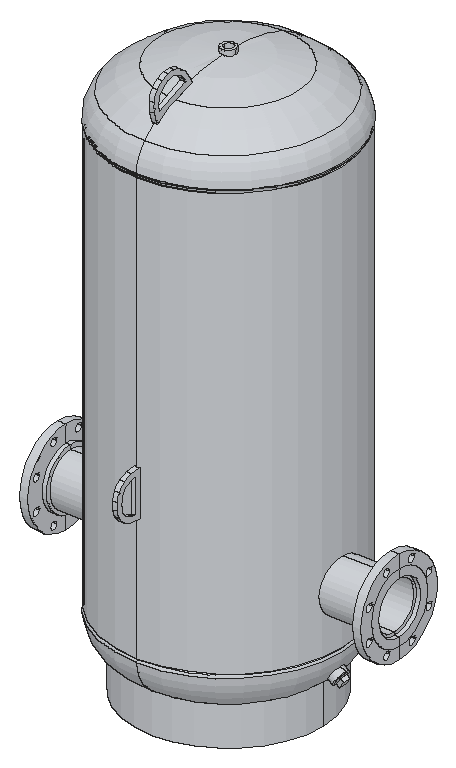
Revit family "CBT-120-5", category Generic Models, Revit 2014
Parameters (values of type "CBT-120-5")
  URL = "http://westank.com/"
  Tank Volume = 120.00 gal
  Shipping Weight = 410.00 lbf
  Part number = 55240120
  Model = "CBT-120-5"
  Flange Connector Diameter = 5"
  Description = "Wessels ASME Chilled Water Buffer Tanks (CBT) are designed for chilled water systems with insufficient water volume capacity in relation to the chiller capacity."
  D = 14"
  C = 19.99807"
  B = 60"
  A = 24"
Reference planes (in)
  plane 1 "Center (Front/Back)": y = 0
  plane 2: z = 0
  plane 3 "Center (Left/Right)": x = 0
  plane 4: through (12.55282, -180, 5.24135) normal (0.8192, 0, -0.5736)
  plane 5: z = 60
  plane 6: x = -9.99904
  plane 7: x = 9.99904
  plane 8: x = -12
  plane 9: x = 12
  plane 10: y = 12
  plane 11: y = -12
  plane 12: z = 14
  plane 13: z = 0
Forms (in)
  Revolve 1, solid
    sketch origin (0, -0.02461, 0) x (0, 1, 0) y (0, 0, 1)
      loop
        arc (-9.83101, 4.11424) -> (-7.79074, 2.94425) -> (-5.56568, 2.18221) r 12.35166
        arc (-5.56568, 2.18221) -> (-4.72655, 1.99447) -> (-3.88233, 1.83116) r 29.62981
        arc (-3.88233, 1.83116) -> (-1.94875, 1.5746) -> (0, 1.4915) r 21.84895
        line (0, 1.4915) -> (0, 1.65929)
        arc (0, 1.65929) -> (-1.35631, 1.72935) -> (-2.7096, 1.84384) r 41.42336
        arc (-2.7096, 1.84384) -> (-4.29668, 2.07784) -> (-5.85586, 2.45541) r 17.59706
        arc (-5.85586, 2.45541) -> (-7.96801, 3.24984) -> (-9.93425, 4.35719) r 14.74916
        arc (-9.93425, 4.35719) -> (-11.28742, 5.80966) -> (-11.85018, 7.71336) r 4.32984
        arc (-11.85018, 7.71336) -> (-11.81699, 7.79381) -> (-11.76254, 7.86171) r 0.30676
        arc (-11.76254, 7.86171) -> (-11.65716, 8.06319) -> (-11.7003, 8.28643) r 0.3444
        line (-11.7003, 8.28643) -> (-11.83544, 8.28643) -> (-11.83544, 53.23643) -> (-11.67058, 53.23643)
        arc (-11.67058, 53.23643) -> (-11.7113, 53.50997) -> (-11.84324, 53.75302) r 0.7952
        arc (-11.84324, 53.75302) -> (-11.85918, 53.77449) -> (-11.87365, 53.79698) r 0.40051
        arc (-11.87365, 53.79698) -> (-11.59108, 55.14279) -> (-10.81984, 56.28132) r 3.5625
        arc (-10.81984, 56.28132) -> (-9.1367, 57.64322) -> (-7.21479, 58.64022) r 10.74973
        arc (-7.21479, 58.64022) -> (-3.6597, 59.63533) -> (0.02461, 59.8694) r 17.65577
        line (0.02461, 59.8694) -> (0.02461, 60.01952)
        arc (0.02461, 60.01952) -> (-3.68786, 59.78269) -> (-7.2701, 58.77965) r 17.80577
        arc (-7.2701, 58.77965) -> (-9.21883, 57.76874) -> (-10.92545, 56.38783) r 10.89973
        arc (-10.92545, 56.38783) -> (-11.73679, 55.18328) -> (-12.02393, 53.75964) r 3.7125
        arc (-12.02393, 53.75964) -> (-11.99497, 53.70793) -> (-11.96061, 53.65963) r 0.55051
        arc (-11.96061, 53.65963) -> (-11.88074, 53.53057) -> (-11.83322, 53.38643) r 0.6452
        line (-11.83322, 53.38643) -> (-11.97539, 53.38643) -> (-11.97539, 8.13643) -> (-11.80492, 8.13643)
        arc (-11.80492, 8.13643) -> (-11.81524, 8.04663) -> (-11.86505, 7.97121) r 0.1944
        arc (-11.86505, 7.97121) -> (-11.95237, 7.85922) -> (-12.00107, 7.72583) r 0.45676
        arc (-12.00107, 7.72583) -> (-11.36713, 5.64899) -> (-9.83101, 4.11424) r 4.47984
      axis (0.02461, 1.4915) -> (0.02461, 60.01952)
    angle from 0 to 360
  Revolve 2, solid
    sketch origin (0, 0, 0) x (-1, 0, 0) y (0, 0, 1)
      loop
        line (16.56252, 11.18799) -> (16.56252, 10.80284) -> (17.06253, 10.80284) -> (17.06253, 9.02141) -> (17.9375, 9.02141) -> (17.9375, 10.36456) -> (18.00002, 10.36456) -> (18.00002, 11.18799) -> (16.56252, 11.18799)
      axis (18.00002, 14) -> (16.56252, 14)
    angle from 0 to 360
  Revolve 3, solid
    sketch origin (0, 0, 0) x (1, 0, 0) y (0, 0, 1)
      loop
        line (11.71753, 6.11956) -> (11.66586, 6.1556) -> (11.25436, 5.56561) -> (11.86992, 5.13627) -> (12.24588, 5.6753) -> (12.19462, 5.71106) -> (12.31904, 5.88945) -> (11.80641, 6.24699) -> (11.71753, 6.11956)
      axis (11.25436, 5.56561) -> (11.86992, 5.13627)
    angle from 0 to 360
  Extrusion 4, solid
    sketch origin (12.55282, -180, 5.24135) x (0.573576, 0, 0.819152) y (0, -1, 0)
      loop
        line (-0.16036, -179.52645) -> (-0.95521, -179.68698) -> (-0.79485, -180.48095) -> (0, -180.32042) -> (-0.16036, -179.52645)
    from -1.04121 to 0
  Extrusion 5, solid
    sketch origin (0, 0, 0) x (0, 1, 0) y (0, 0, 1)
      loop
        line (-11.93439, 21.33067) -> (-11.93439, 26.202)
        arc (-11.93439, 26.202) -> (-12.47846, 26.15164) -> (-13.01533, 26.05008) r 5.77422
        arc (-13.01533, 26.05008) -> (-13.49297, 25.89754) -> (-13.94252, 25.67548) r 3.35288
        arc (-13.94252, 25.67548) -> (-14.34081, 25.36666) -> (-14.64962, 24.96837) r 2.0073
        arc (-14.64962, 24.96837) -> (-14.80343, 24.58932) -> (-14.88788, 24.18906) r 2.30742
        arc (-14.88788, 24.18906) -> (-14.91277, 23.77188) -> (-14.88788, 23.3547) r 3.50846
        arc (-14.88788, 23.3547) -> (-14.79412, 22.92876) -> (-14.61961, 22.52904) r 2.24053
        arc (-14.61961, 22.52904) -> (-14.27401, 22.08806) -> (-13.80999, 21.77406) r 1.8078
        arc (-13.80999, 21.77406) -> (-13.34321, 21.55591) -> (-12.84107, 21.44044) r 2.44481
        arc (-12.84107, 21.44044) -> (-12.39043, 21.36326) -> (-11.93439, 21.33067) r 4.65484
      loop
        arc (-12.44611, 25.63929) -> (-12.67227, 25.60073) -> (-12.89654, 25.55235) r 5.2625
        arc (-12.89654, 25.55235) -> (-13.30128, 25.42308) -> (-13.68221, 25.23491) r 2.84116
        arc (-13.68221, 25.23491) -> (-13.97364, 25.01013) -> (-14.20134, 24.72098) r 1.49558
        arc (-14.20134, 24.72098) -> (-14.3163, 24.43235) -> (-14.37979, 24.12821) r 1.7957
        arc (-14.37979, 24.12821) -> (-14.40106, 23.77188) -> (-14.37979, 23.41555) r 2.99674
        arc (-14.37979, 23.41555) -> (-14.30745, 23.08689) -> (-14.17279, 22.77846) r 1.72881
        arc (-14.17279, 22.77846) -> (-13.91552, 22.45353) -> (-13.56884, 22.22643) r 1.29608
        arc (-13.56884, 22.22643) -> (-13.1779, 22.0402) -> (-12.75531, 21.94566) r 1.9331
        arc (-12.75531, 21.94566) -> (-12.60126, 21.91347) -> (-12.44611, 21.88716) r 4.14312
        line (-12.44611, 21.88716) -> (-12.44611, 25.63929)
    from -0.24366 to 0.25634
  Extrusion 6, solid
    sketch origin (0, -25.23675, 38.88211) x (0, 0.366501, -0.930418) y (0, 0.930418, 0.366501)
      loop
        line (-11.41103, 21.34851) -> (-11.41103, 26.20181)
        arc (-11.41103, 26.20181) -> (-12.2185, 26.18219) -> (-13.01533, 26.05008) r 5.77422
        arc (-13.01533, 26.05008) -> (-13.49297, 25.89754) -> (-13.94252, 25.67548) r 3.35288
        arc (-13.94252, 25.67548) -> (-14.34081, 25.36666) -> (-14.64962, 24.96837) r 2.0073
        arc (-14.64962, 24.96837) -> (-14.80343, 24.58932) -> (-14.88788, 24.18906) r 2.30742
        arc (-14.88788, 24.18906) -> (-14.91277, 23.77188) -> (-14.88788, 23.3547) r 3.50846
        arc (-14.88788, 23.3547) -> (-14.79412, 22.92876) -> (-14.61961, 22.52904) r 2.24053
        arc (-14.61961, 22.52904) -> (-14.27401, 22.08806) -> (-13.80999, 21.77406) r 1.8078
        arc (-13.80999, 21.77406) -> (-13.34321, 21.55591) -> (-12.84107, 21.44044) r 2.44481
        arc (-12.84107, 21.44044) -> (-12.12961, 21.33911) -> (-11.41103, 21.34851) r 4.65484
      loop
        arc (-12.44611, 25.63929) -> (-12.67227, 25.60073) -> (-12.89654, 25.55235) r 5.2625
        arc (-12.89654, 25.55235) -> (-13.30128, 25.42308) -> (-13.68221, 25.23491) r 2.84116
        arc (-13.68221, 25.23491) -> (-13.97364, 25.01013) -> (-14.20134, 24.72098) r 1.49558
        arc (-14.20134, 24.72098) -> (-14.3163, 24.43235) -> (-14.37979, 24.12821) r 1.7957
        arc (-14.37979, 24.12821) -> (-14.40106, 23.77188) -> (-14.37979, 23.41555) r 2.99674
        arc (-14.37979, 23.41555) -> (-14.30745, 23.08689) -> (-14.17279, 22.77846) r 1.72881
        arc (-14.17279, 22.77846) -> (-13.91552, 22.45353) -> (-13.56884, 22.22643) r 1.29608
        arc (-13.56884, 22.22643) -> (-13.1779, 22.0402) -> (-12.75531, 21.94566) r 1.9331
        arc (-12.75531, 21.94566) -> (-12.60126, 21.91347) -> (-12.44611, 21.88716) r 4.14312
        line (-12.44611, 21.88716) -> (-12.44611, 25.63929)
    from -0.24366 to 0.25634
  Extrusion 7, solid
    sketch origin (0, 0, 0) x (1, 0, 0) y (0, 1, 0)
      loop
        circle (0, 0) r 0.75
      loop
        circle (0, 0) r 0.5
    from 58.5833 to 60.52076
  Extrusion 8, void
    sketch origin (0, 0.13917, 0.41751) x (0, 1, 0) y (0, 0, -1)
      loop
        circle (-1.78867, -17.52966) r 0.44334
      loop
        circle (-4.08217, -15.22936) r 0.44334
      loop
        circle (-4.08217, -11.98133) r 0.44334
      loop
        circle (-1.7782, -9.67735) r 0.44334
      loop
        circle (1.56551, -9.69018) r 0.44334
      loop
        circle (3.75679, -11.97307) r 0.44334
      loop
        circle (3.75679, -15.2211) r 0.44334
      loop
        circle (1.46929, -17.5086) r 0.44334
    from 15.80097 to 18.88976
  Extrusion 9, void
    sketch origin (0, 0, 0) x (1, 0, 0) y (0, 1, 0)
      loop
        circle (0, 0) r 0.5
    from 58.5833 to 62.3834
  Revolve 10, solid
    sketch origin (0, 0, 0) x (1, 0, 0) y (0, 0, 1)
      loop
        line (9.87513, 4.44941) -> (9.87513, 0) -> (10.00001, 0) -> (10.00001, 4.44941) -> (9.87513, 4.44941)
      axis (0, 4.44941) -> (0, 0)
    angle from 0 to 360
  Revolve 11, solid
    sketch origin (0, 0, 0) x (1, 0, 0) y (0, 0, 1)
      loop
        line (-11.00002, 11.49797) -> (-17.50002, 11.49797) -> (-17.50002, 11.24016) -> (-11.00002, 11.24016) -> (-11.00002, 11.49797)
      axis (-17.50002, 14) -> (-11.00002, 14)
    angle from 0 to 360
  Extrusion 12, void
    sketch origin (0, 0, 0) x (0, 1, 0) y (0, 0, 1)
      loop
        circle (0, 14) r 2.75984
    from -18.86806 to 18.76515
  Revolve 13, solid
    sketch origin (0, 0, 0) x (1, 0, 0) y (0, 0, 1)
      loop
        line (16.56248, 11.19317) -> (16.56248, 10.6806) -> (17.05933, 10.6806) -> (17.05933, 9.0231) -> (17.93748, 9.0231) -> (17.93748, 10.36534) -> (17.99998, 10.36534) -> (17.99998, 11.19317) -> (16.56248, 11.19317)
      axis (17.99998, 14) -> (16.56248, 14)
    angle from 0 to 360
  Revolve 14, solid
    sketch origin (0, 0, 0.03125) x (-1, 0, 0) y (0, 0, 1)
      loop
        line (-10.99998, 11.46883) -> (-17.49998, 11.46883) -> (-17.49998, 11.20891) -> (-10.99998, 11.20891) -> (-10.99998, 11.46883)
      axis (-17.49998, 13.96875) -> (-10.99998, 13.96875)
    angle from 0 to 360
  Extrusion 15, void
    sketch origin (0, 0.13917, 0.41751) x (0, 1, 0) y (0, 0, 1)
      loop
        circle (-1.78867, 17.52966) r 0.44334
      loop
        circle (-4.08217, 15.22936) r 0.44334
      loop
        circle (-4.08217, 11.98133) r 0.44334
      loop
        circle (-1.7782, 9.67735) r 0.44334
      loop
        circle (1.56551, 9.69018) r 0.44334
      loop
        circle (3.75679, 11.97307) r 0.44334
      loop
        circle (3.75679, 15.2211) r 0.44334
      loop
        circle (1.46929, 17.5086) r 0.44334
    from 15.80097 to 18.88976
Cuts and joins
  Extrusion 8, Extrusion 15 cuts Revolve 2
  Extrusion 9, Extrusion 12 cuts Revolve 1
  joined: Revolve 1, Extrusion 4, Extrusion 5, Extrusion 6, Extrusion 7, Revolve 10
  Extrusion 15 cuts Revolve 13
Dimensions and locks (in)
  "B": plane 5 to level
  "C": plane 7 to plane 6
  equal spacing: plane 9, plane 3 "Center (Left/Right)", plane 8
  "A": plane 9 to plane 8
  "D": plane 12 to level
  equal spacing: plane 10, plane 1 "Center (Front/Back)", plane 11
  plane 10 to plane 11 = 24"
  aligned and locked: plane 2 to level
  aligned and locked: Revolve 10 sketch curve to plane 3 "Center (Left/Right)"
Automatic sketch dimensions
  Revolve 2 sketch curve to plane 12 = 0"
  plane 8 to Revolve 2 sketch curve = 4 9/16"
  Revolve 2 sketch curve to Revolve 2 sketch curve = 1/2"
  Revolve 2 sketch curve to Revolve 2 sketch curve = 0.87498"
  Revolve 2 sketch curve to Revolve 2 sketch curve = 1/16"
  Revolve 2 sketch curve to Revolve 2 sketch curve = 1.34316"
  plane 8 to Revolve 2 sketch curve = 2 1/16"
  Revolve 2 sketch curve to Revolve 2 sketch curve = 0.68278"
  Revolve 3 sketch curve to plane 9 = 0.74564"
  Revolve 3 sketch curve to plane 9 = 0.33414"
  Revolve 3 sketch curve to Revolve 3 sketch curve = 0.05167"
  Revolve 3 sketch curve to Revolve 3 sketch curve = 0.08888"
  Revolve 3 sketch curve to plane 9 = 0.13008"
  plane 9 to Revolve 3 sketch curve = 0.19462"
  Revolve 3 sketch curve to Revolve 3 sketch curve = 0.05126"
  level to Revolve 3 sketch curve = 5.13627"
  Revolve 3 sketch curve to Revolve 3 sketch curve = 0.42934"
  Revolve 3 sketch curve to Revolve 3 sketch curve = 0.12768"
  Revolve 3 sketch curve to Revolve 3 sketch curve = 0"  (x2)
  Revolve 3 sketch curve to Revolve 3 sketch curve = 0.08905"
  plane 1 "Center (Front/Back)" to Extrusion 4 sketch curve = 0.31302"
  Extrusion 4 sketch curve to plane 1 "Center (Front/Back)" = 0.48095"
  Extrusion 4 sketch curve to Extrusion 4 sketch curve = 0.16036"  (x2)
  plane 1 "Center (Front/Back)" to Extrusion 4 sketch curve = 0.47355"
  Extrusion 4 sketch curve to Extrusion 4 sketch curve = 0.79485"
  Extrusion 4 sketch curve to plane 1 "Center (Front/Back)" = 0.32042"
  Extrusion 5 sketch curve to Extrusion 5 sketch curve = 0"  (x24)
  plane 11 to Extrusion 5 sketch curve = 1.04109"
  Extrusion 5 sketch curve to Extrusion 5 sketch curve = 0.11966"
  Extrusion 5 sketch curve to Extrusion 5 sketch curve = 0.25819"
  Extrusion 5 sketch curve to Extrusion 5 sketch curve = 17/256"
  Extrusion 5 sketch curve to Extrusion 5 sketch curve = 0.04958"
  plane 11 to Extrusion 5 sketch curve = 0.44611"
  plane 11 to Extrusion 5 sketch curve = 0.23696"
  Extrusion 5 sketch curve to plane 11 = 0.06561"
  Extrusion 5 sketch curve to plane 11 = 0.16899"
  Extrusion 5 sketch curve to plane 11 = 0.32516"
  Extrusion 5 sketch curve to plane 11 = 0.59568"
  plane 12 to Extrusion 5 sketch curve = 6.43362"
  Extrusion 5 sketch curve to Extrusion 5 sketch curve = 0.89706"
  Extrusion 5 sketch curve to Extrusion 5 sketch curve = 0.55648"
  Extrusion 5 sketch curve to Extrusion 5 sketch curve = 0.90165"
  Extrusion 5 sketch curve to Extrusion 5 sketch curve = 0.62139"
  Extrusion 5 sketch curve to Extrusion 5 sketch curve = 27/128"
  Extrusion 5 sketch curve to Extrusion 5 sketch curve = 0.15076"
  Extrusion 5 sketch curve to Extrusion 5 sketch curve = 0.24641"
  Extrusion 5 sketch curve to Extrusion 5 sketch curve = 0.04716"
  Extrusion 5 sketch curve to Extrusion 5 sketch curve = 0.0326"
  Extrusion 5 sketch curve to Extrusion 5 sketch curve = 1.7246"
  Extrusion 5 sketch curve to Extrusion 5 sketch curve = 0.34507"
  Extrusion 5 sketch curve to Extrusion 5 sketch curve = 0.21764"
  Extrusion 5 sketch curve to Extrusion 5 sketch curve = 1.12273"
  Extrusion 5 sketch curve to Extrusion 5 sketch curve = 0.78568"
  Extrusion 5 sketch curve to Extrusion 5 sketch curve = 0.24115"
  Extrusion 5 sketch curve to Extrusion 5 sketch curve = 0.2603"
  Extrusion 5 sketch curve to Extrusion 5 sketch curve = 0.60395"
  Extrusion 5 sketch curve to Extrusion 5 sketch curve = 0.51913"
  Extrusion 5 sketch curve to Extrusion 5 sketch curve = 0.44682"
  Extrusion 5 sketch curve to Extrusion 5 sketch curve = 0.44829"
  Extrusion 6 sketch curve to Extrusion 6 sketch curve = 0"  (x24)
  Extrusion 6 sketch curve to plane 5 = 0.40436"
  Extrusion 6 sketch curve to plane 11 = 3.76493"
  Extrusion 6 sketch curve to Extrusion 6 sketch curve = 0.11966"
  Extrusion 6 sketch curve to Extrusion 6 sketch curve = 0.25819"
  Extrusion 6 sketch curve to Extrusion 6 sketch curve = 17/256"
  Extrusion 6 sketch curve to Extrusion 6 sketch curve = 0.04958"
  Extrusion 6 sketch curve to Extrusion 6 sketch curve = 0.59499"
  Extrusion 6 sketch curve to Extrusion 6 sketch curve = 0.20915"
  Extrusion 6 sketch curve to Extrusion 6 sketch curve = 0.6151"
  Extrusion 6 sketch curve to Extrusion 6 sketch curve = 0.77126"
  Extrusion 6 sketch curve to Extrusion 6 sketch curve = 0.41998"
  Extrusion 6 sketch curve to Extrusion 6 sketch curve = 1.14294"
  Extrusion 6 sketch curve to Extrusion 6 sketch curve = 0.62139"
  Extrusion 6 sketch curve to Extrusion 6 sketch curve = 0.90165"
  Extrusion 6 sketch curve to Extrusion 6 sketch curve = 0.53865"
  Extrusion 6 sketch curve to Extrusion 6 sketch curve = 0.91489"
  Extrusion 6 sketch curve to Extrusion 6 sketch curve = 27/128"
  Extrusion 6 sketch curve to Extrusion 6 sketch curve = 0.15076"
  Extrusion 6 sketch curve to Extrusion 6 sketch curve = 0.24641"
  Extrusion 6 sketch curve to Extrusion 6 sketch curve = 0.04716"
  Extrusion 6 sketch curve to Extrusion 6 sketch curve = 0.0326"
  Extrusion 6 sketch curve to Extrusion 6 sketch curve = 1.7246"
  Extrusion 6 sketch curve to Extrusion 6 sketch curve = 0.34507"
  Extrusion 6 sketch curve to Extrusion 6 sketch curve = 0.21744"
  Extrusion 6 sketch curve to Extrusion 6 sketch curve = 1.12273"
  Extrusion 6 sketch curve to Extrusion 6 sketch curve = 0.78568"
  Extrusion 6 sketch curve to Extrusion 6 sketch curve = 0.24115"
  Extrusion 6 sketch curve to Extrusion 6 sketch curve = 0.2603"
  Extrusion 6 sketch curve to Extrusion 6 sketch curve = 0.60395"
  Extrusion 6 sketch curve to Extrusion 6 sketch curve = 0.51913"
  Extrusion 6 sketch curve to Extrusion 6 sketch curve = 0.44682"
  Extrusion 6 sketch curve to Extrusion 6 sketch curve = 0.44829"
  Extrusion 7 sketch curve to Extrusion 7 sketch curve = 0"  (x2)
  plane 1 "Center (Front/Back)" to Extrusion 7 sketch curve = 0"
  Extrusion 7 sketch curve to plane 3 "Center (Left/Right)" = 0"
  plane 12 to Extrusion 8 sketch curve = 1.64687"
  plane 1 "Center (Front/Back)" to Extrusion 8 sketch curve = 3.94301"
  Extrusion 8 sketch curve to Extrusion 8 sketch curve = 0"
  plane 1 "Center (Front/Back)" to Extrusion 8 sketch curve = 1.6495"
  plane 1 "Center (Front/Back)" to Extrusion 8 sketch curve = 1.63903"
  Extrusion 8 sketch curve to plane 1 "Center (Front/Back)" = 1.60846"
  Extrusion 8 sketch curve to plane 1 "Center (Front/Back)" = 1.70468"
  Extrusion 8 sketch curve to Extrusion 8 sketch curve = 2.2875"
  Extrusion 8 sketch curve to Extrusion 8 sketch curve = 2.19128"
  plane 12 to Extrusion 8 sketch curve = 3.92611"
  Extrusion 8 sketch curve to Extrusion 8 sketch curve = 2.3003"
  plane 12 to Extrusion 8 sketch curve = 1.63861"
  Extrusion 9 sketch curve to Extrusion 9 sketch curve = 0"  (x2)
  plane 1 "Center (Front/Back)" to Extrusion 9 sketch curve = 0"
  Extrusion 9 sketch curve to plane 3 "Center (Left/Right)" = 0"
  Extrusion 9 sketch curve to plane 3 "Center (Left/Right)" = 1/2"
  Revolve 10 sketch curve to level = 0"
  Revolve 10 sketch curve to plane 7 = 0.12391"
  plane 7 to Revolve 10 sketch curve = 0.00098"
  Revolve 10 sketch curve to Revolve 10 sketch curve = 4.44941"
  level to Revolve 10 sketch curve = 4.69941"
  Revolve 10 sketch curve to Revolve 10 sketch curve = 1"
  Revolve 11 sketch curve to plane 12 = 0"
  Revolve 11 sketch curve to plane 8 = 5 1/2"
  plane 8 to Revolve 11 sketch curve = 1"
  Revolve 11 sketch curve to plane 8 = 0.96816"
  Revolve 11 sketch curve to Revolve 11 sketch curve = 0.36015"
  Extrusion 12 sketch curve to plane 1 "Center (Front/Back)" = 0"
  Extrusion 12 sketch curve to plane 12 = 0"
  Revolve 13 sketch curve to plane 12 = 0"
  plane 9 to Revolve 13 sketch curve = 4 9/16"
  Revolve 13 sketch curve to Revolve 13 sketch curve = 0.49685"
  Revolve 13 sketch curve to Revolve 13 sketch curve = 0.87815"
  Revolve 13 sketch curve to Revolve 13 sketch curve = 1/16"
  Revolve 13 sketch curve to Revolve 13 sketch curve = 1.34224"
  Revolve 13 sketch curve to plane 9 = 0.7521"
  plane 7 to Revolve 13 sketch curve = 0.56608"
  Revolve 14 sketch curve to plane 12 = 0"
  Revolve 14 sketch curve to plane 9 = 5 1/2"
  plane 9 to Revolve 14 sketch curve = 1"
  Revolve 14 sketch curve to plane 7 = 0.69724"
  Revolve 14 sketch curve to plane 7 = 0.33709"
  plane 12 to Extrusion 15 sketch curve = 1.64687"
  plane 1 "Center (Front/Back)" to Extrusion 15 sketch curve = 3.94301"
  Extrusion 15 sketch curve to Extrusion 15 sketch curve = 0"
  plane 1 "Center (Front/Back)" to Extrusion 15 sketch curve = 1.6495"
  plane 1 "Center (Front/Back)" to Extrusion 15 sketch curve = 1.63903"
  Extrusion 15 sketch curve to plane 1 "Center (Front/Back)" = 1.60846"
  Extrusion 15 sketch curve to plane 1 "Center (Front/Back)" = 1.70468"
  Extrusion 15 sketch curve to Extrusion 15 sketch curve = 2.2875"  (x2)
  Extrusion 15 sketch curve to Extrusion 15 sketch curve = 2.19128"
  plane 12 to Extrusion 15 sketch curve = 1.63861"
  Extrusion 15 sketch curve to Extrusion 15 sketch curve = 2.3003"
  Revolve 1 sketch curve to Revolve 1 sketch curve = 0"  (x28)
  Revolve 1 sketch curve to plane 11 = 0"
  Revolve 1 sketch curve to plane 1 "Center (Front/Back)" = 0"  (x2)
  plane 11 to Revolve 1 sketch curve = 0.02253"
  plane 11 to Revolve 1 sketch curve = 0.49009"
  Revolve 1 sketch curve to plane 11 = 0.13996"
  Revolve 1 sketch curve to Revolve 1 sketch curve = 0.14217"
  Revolve 1 sketch curve to Revolve 1 sketch curve = 0.03051"
  Revolve 1 sketch curve to Revolve 1 sketch curve = 0.13514"
  Revolve 1 sketch curve to Revolve 1 sketch curve = 0.16486"
  Revolve 1 sketch curve to plane 11 = 0.42251"
  Revolve 1 sketch curve to plane 11 = 0.44555"
  Revolve 1 sketch curve to Revolve 1 sketch curve = 3.2184"
  Revolve 1 sketch curve to Revolve 1 sketch curve = 4.02572"
  plane 1 "Center (Front/Back)" to Revolve 1 sketch curve = 3.27544"
  plane 12 to Revolve 1 sketch curve = 0.19548"
  plane 1 "Center (Front/Back)" to Revolve 1 sketch curve = 2.71895"
  plane 1 "Center (Front/Back)" to Revolve 1 sketch curve = 1.75935"
  plane 1 "Center (Front/Back)" to Revolve 1 sketch curve = 0.96361"
  plane 1 "Center (Front/Back)" to Revolve 1 sketch curve = 0.72885"
  plane 1 "Center (Front/Back)" to Revolve 1 sketch curve = 0.0691"
  plane 1 "Center (Front/Back)" to Revolve 1 sketch curve = 0.02461"
  Revolve 1 sketch curve to plane 1 "Center (Front/Back)" = 1.29764"
  Revolve 1 sketch curve to plane 1 "Center (Front/Back)" = 1.43376"
  Revolve 1 sketch curve to Revolve 1 sketch curve = 0.15"  (x2)
  Revolve 1 sketch curve to Revolve 1 sketch curve = 0.02331"
  Revolve 1 sketch curve to Revolve 1 sketch curve = 0.49864"
  level to Revolve 1 sketch curve = 1.65929"
  Revolve 1 sketch curve to Revolve 1 sketch curve = 0.16779"
  Revolve 1 sketch curve to Revolve 1 sketch curve = 2.42164"
  Revolve 1 sketch curve to Revolve 1 sketch curve = 2.73447"
  Revolve 1 sketch curve to Revolve 1 sketch curve = 3.98882"
  Revolve 1 sketch curve to Revolve 1 sketch curve = 7.65989"
  Revolve 1 sketch curve to Revolve 1 sketch curve = 11.22838"
  Revolve 1 sketch curve to Revolve 1 sketch curve = 0.8283"
  Revolve 1 sketch curve to Revolve 1 sketch curve = 6.41936"
  Revolve 1 sketch curve to plane 5 = 6.76357"
  Revolve 1 sketch curve to Revolve 1 sketch curve = 0.02147"
  Revolve 1 sketch curve to Revolve 1 sketch curve = 0.5152"
  Revolve 1 sketch curve to Revolve 1 sketch curve = 0.61597"
  Revolve 1 sketch curve to plane 5 = 0.1306"
  plane 5 to Revolve 1 sketch curve = 5/256"
  plane 11 to Revolve 1 sketch curve = 0.02568"
  plane 11 to Revolve 1 sketch curve = 0.04854"
  Revolve 1 sketch curve to Revolve 1 sketch curve = 0.03042"
  Revolve 1 sketch curve to plane 11 = 0.12521"
  Revolve 1 sketch curve to Revolve 1 sketch curve = 0.10324"
  Revolve 1 sketch curve to Revolve 1 sketch curve = 0.27644"
  Revolve 1 sketch curve to Revolve 1 sketch curve = 0.10012"
  Revolve 1 sketch curve to plane 12 = 6.36222"
  Revolve 1 sketch curve to Revolve 1 sketch curve = 0.3185"
  plane 12 to Revolve 2 sketch curve = 2.81201"
  Revolve 2 sketch curve to Revolve 2 sketch curve = 0.38515"
  Revolve 2 sketch curve to Revolve 2 sketch curve = 0.82343"
  Extrusion 8 sketch curve to plane 12 = 1.60116"
  Extrusion 8 sketch curve to plane 12 = 1.60942"
  Extrusion 8 sketch curve to Extrusion 8 sketch curve = 2.28289"
  Extrusion 8 sketch curve to Extrusion 8 sketch curve = 2.30398"
  Revolve 11 sketch curve to plane 12 = 2.50203"
  Revolve 11 sketch curve to Revolve 11 sketch curve = 33/128"
  Extrusion 12 sketch curve to Extrusion 12 sketch curve = 2.75984"
  Revolve 13 sketch curve to plane 12 = 2.80683"
  Revolve 13 sketch curve to Revolve 13 sketch curve = 0.51257"
  Revolve 13 sketch curve to Revolve 13 sketch curve = 0.82783"
  plane 12 to Revolve 14 sketch curve = 2.49992"
  Revolve 14 sketch curve to Revolve 14 sketch curve = 0.25992"
  Extrusion 15 sketch curve to plane 12 = 1.60116"
  Extrusion 15 sketch curve to plane 12 = 1.60942"
  Extrusion 15 sketch curve to Extrusion 15 sketch curve = 2.28289"
  Extrusion 15 sketch curve to Extrusion 15 sketch curve = 2.30398"
  radius of Extrusion 7 sketch curve = 3/4"
  radius of Extrusion 7 sketch curve = 1/2"
  radius of Extrusion 8 sketch curve = 0.44334"  (x8)
  radius of Extrusion 15 sketch curve = 0.44334"  (x8)
Connectors (in)
  piping at (-18.00002, 0, 14), diameter 5, driven by "Flange Connector Diameter"
    settings: on Revolve 2, index 1, connector inside diameter 24", connector length 0", flow factor 0, pipe flow 0 GPM, pressure drop 0.00 psi, fitting loss kfactor 0, connector angle 0.00°, fixture units 0, engagement length 0", angle of deflection 0.00°, flow configuration 0, flow direction 0, fitting loss method 0, system type 7, joint type 0, gender type 0, connector reference index 2, connector utility 0, adjustable connector no, is connector primary yes, connector description ""
  piping at (17.99998, 0, 14), diameter 5, driven by "Flange Connector Diameter"
    settings: on Revolve 13, index 2, connector inside diameter 24", connector length 0", flow factor 0, pipe flow 0 GPM, pressure drop 0.00 psi, fitting loss kfactor 0, connector angle 0.00°, fixture units 0, engagement length 0", angle of deflection 0.00°, flow configuration 0, flow direction 0, fitting loss method 0, system type 7, joint type 0, gender type 0, connector reference index 1, connector utility 0, adjustable connector no, is connector primary no, connector description ""
